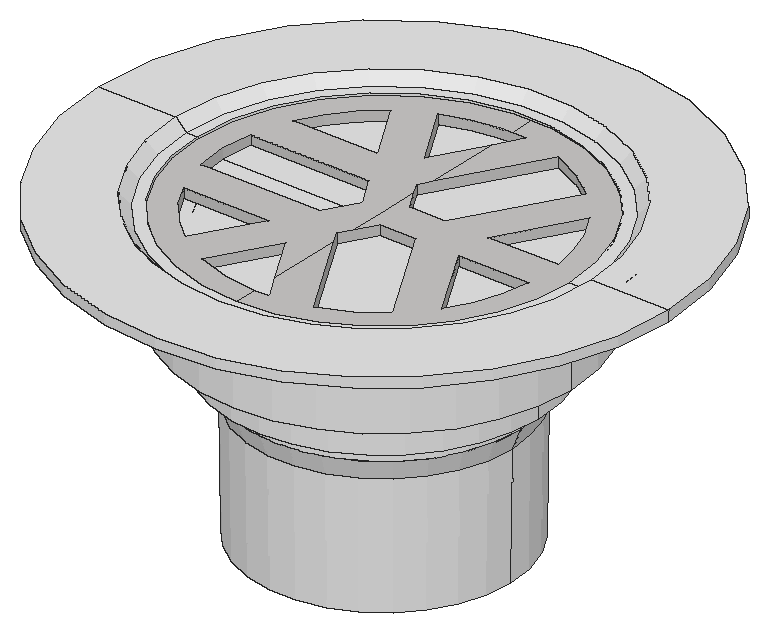
Revit family "Viking Roofspec Drain 04 M01", category Pipe Fittings, host Face, Revit 2021
Family settings
  Host = Face
  Round Connector Dimension = Use Diameter
  Part Type = Cap
  Cut with Voids When Loaded = No
  Shared = No
Parameters (values of type "Drains - Deck Drain - 100mm")
  URL = "www.vikingroofspec.co.nz"
  Type Comments = "Viking Roofspec 100mmØ clamped deck drain SDM050 with 304 S/S flat grate, installed as per manufacturers instructions."
  Pipe Diameter = 100 mm
  Overall Cut Diameter = 230 mm
  Model = "SDM050"
  Material = Viking Roofspec - Plastic White
  Manufacturer = "Viking Roofspec"  # constant formula
  Grate Material = Viking Roofspec - Stainless Steel
  Flow Out = 5.09 L/s
  Default Elevation = 0 mm
  Cut Diameter = 185 mm
  Component = SDM049-050 : Deck Drain
Reference planes
  plane 1 "Center (Front/Back)": y = 0
  plane 2: z = 0
  plane 3 "Center (Left/Right)": x = 0
  plane 4 "Pipe Connector": z = -116.857
Forms (mm)
  Extrusion 1, void
    sketch origin (0, 0, 0) x (1, 0, 0) y (0, 1, 0)
      loop
        circle (0, 0) r 92.5
    from 0 to -120
  Extrusion 2, void
    sketch origin (0, 0, 0) x (1, 0, 0) y (0, 1, 0)
      loop
        circle (0, 0) r 115
    from -4 to 0
Dimensions and locks
  locked: host face to plane 4 "Pipe Connector" at 116.857
  "Cut Diameter": diameter of Extrusion 1 sketch curve
  "Overall Cut Diameter": diameter of Extrusion 2 sketch curve
  aligned and locked: plane 2 to host face
  aligned and locked: level to host face
Automatic sketch dimensions
  host sketch curve to host sketch curve = 2438.4 mm  (x2)
  plane 1 "Center (Front/Back)" to Extrusion 1 sketch curve = 0 mm
  Extrusion 1 sketch curve to plane 3 "Center (Left/Right)" = 0 mm
  plane 1 "Center (Front/Back)" to Extrusion 2 sketch curve = 0 mm
  Extrusion 2 sketch curve to plane 3 "Center (Left/Right)" = 0 mm
Nested families
  nested 1: "SDM049-050" at (0, 0, 0), type <- "Component", Grate Material <- "Grate Material", Material <- "Material", type "Deck Drain"
Connectors
  piping at (0, 0, -116.857), diameter 100, driven by "Pipe Diameter", driven by "Flow Out"
    settings: index 3, connector inside diameter 609.6 mm, connector length 0 mm, flow factor 0, pipe flow 5.09 L/s, pressure drop 0.0 Pa, fitting loss kfactor 0, connector angle 0.00°, fixture units 0, engagement length 0 mm, angle of deflection 0.00°, flow configuration 1, flow direction 2, fitting loss method 4, system type 16, joint type 0, gender type 0, connector reference index -1, connector utility 0, adjustable connector no, is connector primary yes, connector description "Drain/Overflow"
Definition of nested family "SDM049-050"
  Parameters (values of type "Overflow")
    Not Flat Grate = not(Flat Grate)  # yes
    Material [instance] = none
    Has Overflow = yes
    Grate Material [instance] = none
    Default Elevation = 1219.2 mm
    Flat Grate = no
  Types (3, lengths in mm): name | Not Flat Grate | Has Overflow | Flat Grate
    Deck Drain | no | no | yes
    Drain | yes | no | no
    Overflow | yes | yes | no
  Reference planes
    plane 1 "Center (Front/Back)": y = 0
    plane 2: z = 0
    plane 3 "Center (Left/Right)": x = 0
  Forms (mm)
    Revolve 1, solid, material <- "Material"
      sketch origin (0, 0, 0.65) x (1, 0, 0) y (0, 0, 1)
        loop
          line (-89.864, -4.65) -> (-78.07, -17.298) -> (-78.07, -23.78) -> (-75.75, -23.78) -> (-75.75, -43.15) -> (-62.75, -43.15) -> (-62.75, -58.169) -> (-55.2, -60.077) -> (-55.2, -64.697) -> (-51.992, -72.76) -> (-51.354, -121.507) -> (0, -121.507) -> (0, -9) -> (-75.5, -9) -> (-83.85, -0.65) -> (-115, -0.65) -> (-115, -4.65) -> (-89.864, -4.65)
        axis (0, -0.65) -> (0, -121.507)
      angle from 0 to 360
    Revolve 2, solid, material <- "Material"
      sketch origin (0, 0, -4) x (1, 0, 0) y (0, 0, 1)
        loop
          line (60.75, -5) -> (60.75, -9) -> (75.5, -9) -> (84.5, 0) -> (75.25, 0) -> (75.25, -5) -> (60.75, -5)
        axis (0, 0) -> (0, -9)
      angle from 0 to 360
  Dimensions and locks
    aligned and locked: level to plane 2
  Nested families
    nested 1: "80mm Grate" at (0, 0, -4), Grate Material <- "Grate Material", visible <- "Not Flat Grate", type "80mm Grate"
      with Grate Material none
    nested 2: "80mm Flat Grate" at (0, 0, -4) x (0, 1, 0) z (0, 0, 1), Grate Material <- "Grate Material", visible <- "Flat Grate", type "80mm Flat Grate"
      with Grate Material none
    nested 3: "80mm Overflow" at (0, 0, -4), visible <- "Has Overflow", Material <- "Material", type "80mm Overflow"
      with Material none
  Definition of nested family "80mm Grate"
    Parameters (values of type "80mm drain")
      Grate Material [instance] = none
      Default Elevation = 1219.2 mm
    Reference planes
      plane 1 "Center (Front/Back)": y = 0
      plane 2: z = 0
      plane 3 "Center (Left/Right)": x = 0
    Forms (mm)
      Revolve 1, solid, material <- "Grate Material"
        sketch origin (0, 0, 4.65) x (1, 0, 0) y (0, 0, 1)
          loop
            line (68.187, 4.525) -> (66.487, 24.065) -> (65.154, 39.402) -> (0, 39.402) -> (0, 34.408) -> (60.618, 34.408) -> (63.977, -4.397) -> (75.039, -4.397) -> (75.039, 0.839) -> (83.094, 0.839) -> (87.449, 19.74) -> (83.202, 21.041) -> (78.142, 4.52) -> (68.187, 4.525)
          axis (0, 39.402) -> (0, -4.397)
        angle from 0 to 360
      Extrusion 2, void
        sketch origin (300, 0, 0) x (1, 0, 0) y (0, 1, 0)
          loop
            line (-281.893, -7.5) -> (-213.553, -75.841) -> (-185.245, -7.5) -> (-281.893, -7.5)
          loop
            line (-281.893, 7.5) -> (-185.245, 7.5) -> (-213.553, 75.841) -> (-281.893, 7.5)
          loop
            line (-292.5, 18.107) -> (-224.159, 86.447) -> (-292.5, 114.755) -> (-292.5, 18.107)
          loop
            line (-307.5, 114.755) -> (-375.841, 86.447) -> (-307.5, 18.107) -> (-307.5, 114.755)
          loop
            line (-318.107, 7.5) -> (-386.447, 75.841) -> (-414.755, 7.5) -> (-318.107, 7.5)
          loop
            line (-318.107, -7.5) -> (-414.755, -7.5) -> (-386.447, -75.841) -> (-318.107, -7.5)
          loop
            line (-307.5, -18.107) -> (-375.841, -86.447) -> (-307.5, -114.755) -> (-307.5, -18.107)
          loop
            line (-292.5, -18.107) -> (-292.5, -114.755) -> (-224.159, -86.447) -> (-292.5, -18.107)
        from -14.819 to 68.3
    Cuts and joins
      Extrusion 2 cuts Revolve 1
    Dimensions and locks
      aligned and locked: level to plane 2
  Definition of nested family "80mm Flat Grate"
    Parameters (values of type "80mm Flat Grate")
      Grate Material [instance] = none
      Default Elevation = 1219.2 mm
    Reference planes
      plane 1 "Center (Front/Back)": y = 0
      plane 2: z = 0
      plane 3 "Center (Left/Right)": x = 0
    Forms (mm)
      Revolve 1, solid, material <- "Grate Material"
        sketch origin (0, 0, -0.65) x (1, 0, 0) y (0, 0, 1)
          loop
            line (0, -6.25) -> (72.5, -6.25) -> (74.25, -4.5) -> (75.25, -4.5) -> (75.25, 0) -> (0, 0) -> (0, -6.25)
          axis (0, 0) -> (0, -6.25)
        angle from 0 to 360
      Extrusion 2, void
        sketch origin (0, 0, 0) x (1, 0, 0) y (0, 1, 0)
          loop
            line (-52.166, 38.778) -> (-27.5, 24.537) -> (-27.5, 58.896)
            arc (-27.5, 58.896) -> (-41.083, 50.37) -> (-52.166, 38.778) r 65
          loop
            line (-12.5, 15.877) -> (0, 8.66) -> (12.5, 15.877) -> (12.5, 63.787)
            arc (12.5, 63.787) -> (0, 65) -> (-12.5, 63.787) r 65
            line (-12.5, 63.787) -> (-12.5, 15.877)
          loop
            arc (52.166, 38.778) -> (41.083, 50.37) -> (27.5, 58.896) r 65
            line (27.5, 58.896) -> (27.5, 24.537) -> (52.166, 38.778)
          loop
            line (59.666, 25.788) -> (35, 11.547) -> (64.756, -5.632)
            arc (64.756, -5.632) -> (64.164, 10.394) -> (59.666, 25.788) r 65
          loop
            line (20, 2.887) -> (7.5, -4.33) -> (7.5, -18.764) -> (48.991, -42.719)
            arc (48.991, -42.719) -> (56.292, -32.5) -> (61.491, -21.068) r 65
            line (61.491, -21.068) -> (20, 2.887)
          loop
            arc (7.5, -64.566) -> (23.08, -60.764) -> (37.256, -53.264) r 65
            line (37.256, -53.264) -> (7.5, -36.084) -> (7.5, -64.566)
          loop
            line (-7.5, -64.566) -> (-7.5, -36.084) -> (-37.256, -53.264)
            arc (-37.256, -53.264) -> (-23.08, -60.764) -> (-7.5, -64.566) r 65
          loop
            line (-7.5, -18.764) -> (-7.5, -4.33) -> (-20, 2.887) -> (-61.491, -21.068)
            arc (-61.491, -21.068) -> (-56.292, -32.5) -> (-48.991, -42.719) r 65
            line (-48.991, -42.719) -> (-7.5, -18.764)
          loop
            arc (-59.666, 25.788) -> (-64.164, 10.394) -> (-64.756, -5.632) r 65
            line (-64.756, -5.632) -> (-35, 11.547) -> (-59.666, 25.788)
        from -20 to 20
    Cuts and joins
      Extrusion 2 cuts Revolve 1
    Dimensions and locks
      aligned and locked: level to plane 2
  Definition of nested family "80mm Overflow"
    Parameters (values of type "80mm Overflow")
      Material [instance] = none
      Default Elevation = 1219.2 mm
    Reference planes
      plane 1 "Center (Front/Back)": y = 0
      plane 2: z = 0
      plane 3 "Center (Left/Right)": x = 0
    Forms (mm)
      Extrusion 1, solid, material <- "Material"
        sketch origin (0, 0, 0) x (1, 0, 0) y (0, 1, 0)
          loop
            circle (0, 0) r 56.5
          loop
            circle (0, 0) r 53.5
        from 0 to 34.563
    Dimensions and locks
      aligned and locked: level to plane 2
